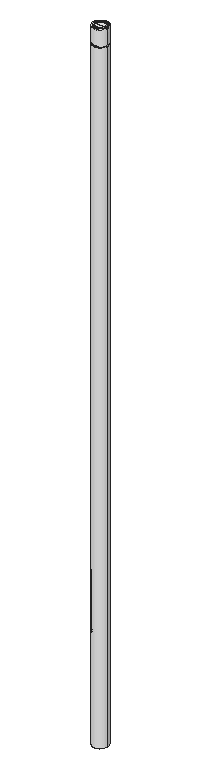
Revit family "Lighting_Outside_Focus_Sky_Park_Mast", category Electrical Fixtures, Revit 2017
Family settings
  Maintain Annotation Orientation = No
  Round Connector Dimension = Use Diameter
  Part Type = Normal
  OmniClass Number = 23.80.70.14
  OmniClass Title = Luminaries for External Lighting
  Work Plane-Based = No
  Always vertical = Yes
  Cut with Voids When Loaded = No
  Shared = No
  Room Calculation Point = No
Parameters (values of type "Sky Park ⌀90 Mast")
  Youtube clip = "https://www.youtube.com/watch?v=FqFnvlRtCvg"
  Weight Net (Kg) = "8"
  Weight = "8.4 kg"
  WarrantyStartDate [instance] = "n/a"
  WarrantyGuarantorParts = "n/a"
  WarrantyGuarantorLabor = "n/a"
  WarrantyDurationUnit = "Hours"
  WarrantyDurationParts = "n/a"
  WarrantyDurationLabor = "n/a"
  WarrantyDescription = "n/a"
  VersionDate = "01/07/2020"  # constant formula
  Version = "2"  # constant formula
  UsageCurrent = 22 A
  Uniformat II Description = ""
  Uniformat II Code = ""
  Uniclass2015Reference = "Pr_70_70_48_46"
  Uniclass2015Description = "Light-emitting diode (LED) luminaires"
  Uniclass2 = "Pr_70_70_49_43"
  Uniclass 2015 Name = ""
  Uniclass 2015 Code = ""
  Uniclass 2.0 Description = ""
  Uniclass 2.0 Code = ""
  Uniclass 1.4 Description = ""
  Uniclass 1.4 Code = ""
  URL = "https://www.focus-lighting.dk/products/sky-park/sky-park/"
  UNSPSC Code = "3911"
  TotalWattage = 40 W
  Technical description = "http://www.focus-lighting.dk/media/72731/skypark_eng_productdata.pdf"
  TagNumber [instance] = "n/a"
  SustainabilityPerformance = "n/a"
  Size = "480 x 480 x 4618 mm"
  Shape = "Sculptured"
  SerialNumber [instance] = "n/a"
  Revision = "2"  # constant formula
  ReplacementCost = "n/a"
  Region South America = "None"
  Region Oceania = "None"
  Region North America = "None"
  Region Middle East = "None"
  Region Europe = "DE, DK, SE"
  Region Asia = "None"
  Region Antarctica = "None"
  Region Africa = "None"
  QR code = "http://bimobject.com/focuslighting/product/8830-4827"
  ProductInformation = "n/a"
  ProductDatasheet = "https://www.focus-lighting.dk/media/72731/skypark_eng_productdata.pdf"
  Product url = "http://www.focus-lighting.dk/products/sky-park/sky-park/"
  Product group = "SkyPark"
  Product family = "Outdoor"
  Product data url = "https://bimobject.com/focuslighting/product/8830-4827"
  Product certification = ""
  Product SKU = "8830-4827"
  Product Guid = "d1a2a0f7-de18-4b5b-9757-2e78987ef951"
  PhaseReference = "n/a"
  PhaseAngle = 0.00°
  OtherControlOptions = "DALI, Line switch, AmpDim; DALI via Zhaga book 18 socket"
  OmniClass Description = ""
  OmniClass Code = ""
  NumberOfSources = 0
  NumberOfPoles = 1
  NominalVoltageCalc = 220 V
  NominalVoltage = 220 V
  NominalRadius = 0 mm
  NominalFrequencyRange = 50 Hz
  NominalDiameter = 0 mm
  NominalDepth = 480 mm
  NominalCurrent = 0 A
  Nominal width = 480 mm
  Nominal height = 618 mm
  Name = "Focus_Sky_Park"  # constant formula
  NBSReference = "90-60-50/405"
  NBSDescription = "General purpose luminaires"
  NBS Reference Description = ""
  NBS Reference Code = ""
  ModelReference = "8833-"
  ModelNumber = "n/a"
  Model = "Sky Park ⌀90 Mast"
  Material secondary = "Polycarbonate"
  Material main = "Aluminium"
  Material = "Cast aluminium & polycarbonate"
  Masterformat 2014 Description = ""
  Masterformat 2014 Code = ""
  ManufacturersSpecificInformation = "n/a"
  ManufacturerURL = "https://www.focus-lighting.dk/home/"
  ManufacturerName = "Focus Lighting"
  Manufacturer name = ""
  Manufacturer country = "Denmark"
  Manufacturer = "Focus Lighting"
  MaintenanceFactor = 0
  LightingProtectionClassification = "Class II"
  LightSource = "LED Bridgelux VERO 18"
  LightFixturePlacingType = "Floor"
  LightFixtureMountingType = "Surface"
  LightFixtureMainMaterial [instance] = Die cast aluminum graphite grey
  InsulationStandardClass = "n/a"
  InstallationDate [instance] = "n/a"
  Installation instructions = "http://www.focus-lighting.dk/media/5002/skypark_instruction.pdf"
  ImpactResistance = "IK10"
  IfcExportType = "NOTDEFINED"  # constant formula
  IfcExportAs = "IfcLightFixtureType"  # constant formula
  IP_Code = "IP 66"
  IFC Classification = "Light Fixture"
  HasProtectiveEarth = no
  Grade = "n/a"
  GTIN code = ""
  Finish = "Cast aluminium : Graphite grey: SW302G (close to RAL 9007); Silver grey: MW300D; Corten brown: YX355F Mars 2525; Black: Noir 900 Sablé SN351F. Diffuser: Clear polycarbonate with UV-resistant acrylic. Option for screen for asymmetrical light."
  Features = "Mounting: On pole, 60 mm top diameter, or on 90 mm pole with 100 mm top pipe In case of 90 mm pole, the connection ring 8005- is required. 4.5 m PKL-lead, 2x1.5 mm2, mounted in the luminaire."
  ExpectedLife = "Min 100,000 hours"
  ElectricalDeviceNominalPower = 0
  Edition number = 1
  DurationUnit = "Hours"
  Driver = "Xitanium Full Xi FP 40 W 0.3-1.0 A programmable"
  Dimming = "8-100% programming range"
  Designer = "AART designers"
  Design country = "Denmark"
  Description = "The simple main shape of the Sky lantern reflects the direction and natural spread of light and facilitates the interaction between design and lighting technology. The high-quality materials and the elegant shape make the luminaire very suitable for a wide variety of functions. The cylindrical unit between lantern and pole offers the possibility of customized branding."
  DefaultElevation = 0 mm
  Date of publishing = "4/22/2015"
  CorrosionResistance = "C4"
  ConvergoRefNr = "0154-1802-0002-DK"
  Constituents = "n/a"
  ColourTolerance = "3 steps SDCM"
  ColourRenderingIndex = "min 80 Ra, typically 85 Ra"
  Color = "Various"
  Collection = "Sky"
  CodePerformance = "n/a"
  Category = "Outdoor"
  COBIe Type Category = ""
  Brand url = "http://focus-lighting.dk"
  Brand = "Focus Lighting"
  Barcode [instance] = "n/a"
  BIMobject main category code = "lighting"
  BIMobject main category = "Lighting"
  BIMobject category code = "lighting-outside"
  BIMobject category = "Outside"
  BIMObjectName = "Lighting_Outside_Focus_Sky_Park_Mast"  # constant formula
  Author = "Convergo AB"  # constant formula
  AssetType = "Fixed"
  AssetIdentifier [instance] = "n/a"
  ArticleNumber = "8833-"
  AccessibilityPerformance = "n/a"
Types (3, lengths in mm): name | Model
  Sky Park ⌀90 Mast | "Sky Park ⌀90 Mast"
  Sky Park LED 3000K, max 4800 lm | "Sky Park LED 3000K, max 4800 lm"
  Sky Park LED 4000K, max 4900 lm | "Sky Park LED 4000K, max 4900 lm"
Reference planes
  plane 1 "Light Source Axis (F/B)": y = 0
  plane 2: z = 0
  plane 3 "Light Source Axis (L/R)": x = 0
  plane 4 "Light Source Elevation": z = 4301.597
  plane 5: x = -240
  plane 6: y = 240
  plane 7: x = 240
  plane 8: y = -240
Dimensions and locks
  equal spacing: plane 5, plane 3 "Light Source Axis (L/R)", plane 7
  locked: plane 5 to plane 7 at 480
  equal spacing: plane 8, plane 1 "Light Source Axis (F/B)", plane 6
  "NominalDepth": plane 8 to plane 6
  aligned and locked: level to plane 2
Nested families
  nested 1: "SkyPark_Mast" at (0, 0, 0), BodyMaterial <- "LightFixtureMainMaterial", type "Cast aluminum -  Sky park - Focus Lighting"
    with GlassMaterial Clear polycarbonate, BodyMaterial Die cast aluminum graphite grey
Connectors
  electrical at (0, 0, 0), driven by "NominalVoltage"
    settings: on nested 1, index 1, voltage 220 V, apparent load 0 VA, apparent load phase1 0 VA, apparent load phase2 0 VA, apparent load phase3 0 VA, power factor 1, load classification "Other", number of poles 1, system type 31, power factor state 1, is connector primary yes, connector utility no, sub classification motor no, connector description ""
Definition of nested family "SkyPark_Mast"
  Parameters (values of type "Cast aluminum -  Sky park - Focus Lighting")
    GlassMaterial [instance] = none
    BodyMaterial [instance] = none
  Reference planes
    plane 1 "Light Source Axis (F/B)": y = 0
    plane 2: z = 0
    plane 3 "Light Source Axis (L/R)": x = 0
    plane 4 "Light Source Elevation": z = 4618
    plane 5: x = 45
    plane 6: x = -45
    plane 7: y = 45
    plane 8: y = -45
    plane 9: x = 240
    plane 10: x = -240
    plane 11: y = 240
    plane 12: z = 4000
    plane 13: y = -240
  Forms (mm)
    Revolve 1, solid, material <- "BodyMaterial", detail levels medium+fine
      sketch origin (0, 0, 0) x (1, 0, 0) y (0, 0, 1)
        loop
          line (0, 0) -> (0, 4000) -> (-30, 4000) -> (-30, 3900) -> (-43, 3900)
          arc (-43, 3900) -> (-44.414, 3899.414) -> (-45, 3898) r 2
          line (-45, 3898) -> (-45, 0) -> (0, 0)
        axis (0, 4000) -> (0, 0)
      angle from 0 to 360
    Extrusion 2, solid, material <- "BodyMaterial", detail levels coarse
      sketch origin (0, 0, 0) x (1, 0, 0) y (0, 1, 0)
        loop
          line (-240, 240) -> (-240, -240) -> (240, -240) -> (240, 240) -> (-240, 240)
      from 0 to 4000
    Extrusion 3, void
      sketch origin (0, -4.238, 0) x (0, 1, 0) y (0, 0, 1)
        loop
          arc (-36.696, 647.497) -> (4.238, 606.562) -> (45.172, 647.497) r 40.934
          line (45.172, 647.497) -> (45.172, 952.111)
          arc (45.172, 952.111) -> (4.238, 993.045) -> (-36.696, 952.111) r 40.934
          line (-36.696, 952.111) -> (-36.696, 647.497)
        loop
          line (-34.696, 952.111) -> (-34.696, 647.497)
          arc (-34.696, 647.497) -> (4.238, 608.562) -> (43.172, 647.497) r 38.934
          line (43.172, 647.497) -> (43.172, 952.111)
          arc (43.172, 952.111) -> (4.238, 991.045) -> (-34.696, 952.111) r 38.934
      from -72.55 to -5.7
    Revolve 4, solid, material <- "BodyMaterial", detail levels medium+fine
      sketch origin (0, 0, 0) x (1, 0, 0) y (0, 0, 1)
        loop
          arc (-43, 4000) -> (-44.414, 3999.414) -> (-45, 3998) r 2
          line (-45, 3998) -> (-45, 3902)
          arc (-45, 3902) -> (-44.414, 3900.586) -> (-43, 3900) r 2
          line (-43, 3900) -> (-30, 3900) -> (-30, 4000) -> (-43, 4000)
        axis (0, 4000) -> (0, 3900)
      angle from 0 to 360
  Cuts and joins
    Extrusion 3 cuts Revolve 1
  Lines and regions (mm)
    symbolic lines, detail levels medium+fine
      curve 1: line (-45, 0, 0) -> (45, 0, 0)
      curve 2: line (45, 0, 0) -> (45, 0, 4000)
      curve 3: line (-45, 0, 0) -> (-45, 0, 4000)
      curve 4: line (0, -45, 0) -> (0, 45, 0)
      curve 5: line (0, 45, 0) -> (0, 45, 4000)
      curve 6: line (0, -45, 0) -> (0, -45, 4000)
    symbolic lines, detail levels fine
      curve 7: arc (0, -40.934, 952.111) -> (0, 0, 993.045) -> (0, 40.934, 952.111) r 40.934
      curve 8: line (0, 40.934, 647.497) -> (0, 40.934, 952.111)
      curve 9: arc (0, -40.934, 647.497) -> (0, 0, 606.562) -> (0, 40.934, 647.497) r 40.934
      curve 10: arc (0, 38.934, 647.497) -> (0, 0, 608.562) -> (0, -38.934, 647.497) r 38.934
      curve 11: line (0, 38.934, 952.111) -> (0, 38.934, 647.497)
      curve 12: line (0, -38.934, 647.497) -> (0, -38.934, 952.111)
      curve 13: arc (0, -38.934, 952.111) -> (0, 0, 991.045) -> (0, 38.934, 952.111) r 38.934
      curve 14: line (0, -40.934, 952.111) -> (0, -40.934, 647.497)
      curve 15: line (0, -45, 3900) -> (0, 45, 3900)
      curve 16: line (0, -45, 4000) -> (0, 45, 4000)
      curve 17: line (-45, 0, 4000) -> (45, 0, 4000)
      curve 18: line (45, 0, 3900) -> (-45, 0, 3900)
      curve 19: line (-22.564, 0, 952.111) -> (-22.564, 0, 647.497)
      curve 20: line (-18.692, 0, 647.497) -> (-18.692, 0, 952.111)
      curve 21: line (-45, 0, 991.045) -> (-22.564, 0, 952.111)
      curve 22: line (-22.564, 0, 647.497) -> (-45, 0, 608.562)
      curve 23: line (-18.692, 0, 647.497) -> (-45, 0, 606.562)
      curve 24: line (-18.692, 0, 952.111) -> (-45, 0, 993.045)
  Dimensions and locks
    equal spacing: plane 6, plane 3 "Light Source Axis (L/R)", plane 5
    equal spacing: plane 7, plane 1 "Light Source Axis (F/B)", plane 8
    plane 7 to plane 8 = 90 mm
    plane 6 to plane 5 = 90 mm
    equal spacing: plane 10, plane 3 "Light Source Axis (L/R)", plane 9
    equal spacing: plane 11, plane 1 "Light Source Axis (F/B)", plane 13
    plane 11 to plane 13 = 480 mm
    plane 10 to plane 9 = 480 mm
    locked: plane 12 to plane 2 at 4000
    aligned and locked: level to plane 2
    aligned and locked: Extrusion 2 sketch curve to plane 11
    aligned and locked: Extrusion 2 sketch curve to plane 10
    aligned and locked: Extrusion 2 sketch curve to plane 13
    aligned and locked: Extrusion 2 sketch curve to plane 9
  Automatic sketch dimensions
    Extrusion 3 sketch curve to Extrusion 3 sketch curve = 0 mm  (x4)
    Extrusion 3 sketch curve to plane 1 "Light Source Axis (F/B)" = 0 mm
    Extrusion 3 sketch curve to plane 8 = 6.066 mm
    Extrusion 3 sketch curve to Extrusion 3 sketch curve = 2 mm
    level to Extrusion 3 sketch curve = 647.497 mm
    Extrusion 3 sketch curve to Extrusion 3 sketch curve = 304.614 mm
    Revolve 4 sketch curve to plane 6 = 0 mm
    Revolve 4 sketch curve to plane 12 = 0 mm  (x2)
    Revolve 4 sketch curve to plane 3 "Light Source Axis (L/R)" = 0 mm
    Revolve 4 sketch curve to Revolve 4 sketch curve = 2 mm
    Revolve 4 sketch curve to plane 6 = 2 mm
    Revolve 4 sketch curve to Revolve 4 sketch curve = 13 mm
    Revolve 4 sketch curve to Revolve 4 sketch curve = 96 mm
    Revolve 4 sketch curve to plane 12 = 40 mm
    plane 6 to curve 22 = 0 mm
    curve 17 to plane 5 = 0 mm
    curve 2 to level = 0 mm
    curve 2 to plane 12 = 0 mm
    curve 22 to plane 6 = 22.436 mm
    curve 19 to curve 20 = 3.872 mm
    level to curve 19 = 647.497 mm
    curve 20 to curve 19 = 0 mm
    curve 20 to curve 20 = 304.614 mm
    curve 19 to curve 20 = 0 mm
    curve 23 to curve 19 = 40.934 mm
    curve 23 to curve 22 = 2 mm
    curve 19 to curve 21 = 38.934 mm
    curve 21 to curve 24 = 2 mm
    curve 18 to curve 3 = 100 mm
    Revolve 1 sketch curve to level = 0 mm
    plane 6 to Revolve 1 sketch curve = 0 mm
    Revolve 1 sketch curve to plane 12 = 0 mm
    Revolve 1 sketch curve to plane 3 "Light Source Axis (L/R)" = 0 mm  (x2)
    Revolve 1 sketch curve to plane 4 "Light Source Elevation" = 0 mm
    Revolve 1 sketch curve to Revolve 1 sketch curve = 2 mm
    Revolve 1 sketch curve to plane 6 = 15 mm
    Revolve 1 sketch curve to plane 12 = 102 mm
    Revolve 1 sketch curve to Revolve 1 sketch curve = 166.459 mm
    curve 7 to curve 13 = 0 mm
    curve 9 to curve 10 = 0 mm  (x2)
    curve 16 to plane 8 = 0 mm
    curve 13 to plane 1 "Light Source Axis (F/B)" = 0 mm
    curve 5 to plane 7 = 0 mm
    curve 4 to level = 0 mm
    curve 5 to plane 12 = 0 mm
    curve 14 to plane 8 = 4.066 mm
    curve 14 to curve 12 = 2 mm
    level to curve 14 = 647.497 mm
    curve 8 to curve 8 = 304.614 mm
    curve 15 to plane 12 = 100 mm
